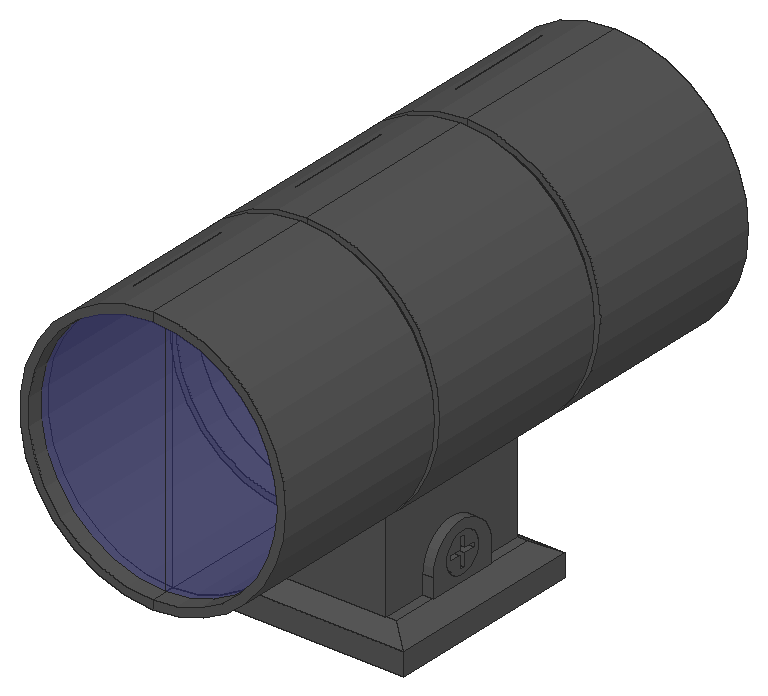
Revit family "CARLO CYLINDER LIGHT WALL MOUNT", category Lighting Fixtures, host Face, Revit 2020 (continued)
Types (10): name | Wattage_Input | Wattage Comments | Wattage | Photometric Web File | built-in parameter 1150142 | Model | built-in parameter 1150105 | Lumens | Light Length 1 | LIGHT RADIUS | LIGHT PLACEMENT | LIGHT LENGTH | LIGHT DIA | built-in parameter 1150106 | FIXED END HEIGHT | Curve base Height | Base Curve | BEAMING ANGLE | Apparent Load
    5957 3.7576 3.9219 4.094 4.2786 4.4733 4.6783 \r\n 4.8905 5.1045 5.3266 5.5613 5.808 6.0689 6.34 6.616 6.9033 7.207 \r\n 7.5258 7.8577 8.2101 8.5877 8.9961 9.4418 9.9269 10.455 11.029 11.645 \r\n 12.322 13.064 13.909 14.901 16.032 17.307 18.733 20.292 22.065 24.099 \r\n 26.473 29.277 32.533 35.678 40.551 48.967 60.436 75.657 92.869 110.22 \r\n 128.68 148.97 170.04 191.5 212.18 230.48 247.34 263.05 277.99 292.97 \r\n 306.89 318.4 329.07 340.19 351.2 362.01 372.49 382.47 392 400.89 \r\n 409.66 418.95 428.26 437.14 446.01 455.13 464.47 473.95 483.98 494.97 \r\n 506.79 519.4 532.9 547.5 562.77 578.41 594.23 609.79 625.44 641.41 \r\n 657.58 674 690.37 706.32 722.12 738.01 753.77 769.33 784.58 799.48 \r\n 813.77 827.03 839.61 851.81 863.44 874.34 884.71 894.81 904.31 912.84 \r\n 920.72 928.04 935.01 941.94 948.53 954.46 960.09 965.78 971.27 976.37 \r\n 981.18 985.64 989.93 994.35 998.51 1002.1 1005.2 1007.5 1009.2 1010.6 \r\n 1011.9 \r\n1006.9 1007.5 1002.8 997.6 992.14 986.77 981.51 976.49 971.63 966.91 \r\n 962.32 957.85 953.38 948.78 944.08 939.51 934.4 927.88 920.87 914.34 \r\n 907.37 899.2 890.27 880.87 870.76 859.67 847.93 835.72 823.29 811.14 \r\n 798.81 785.99 772.71 758.8 744.59 730.42 716.06 701.43 686.54 671.36 \r\n 655.89 639.96 623.99 608.38 592.97 577.67 562.63 548.02 533.66 519.29 \r\n 505.34 492.19 479.73 468.15 456.87 445.28 433.64 421.96 410.39 399.21 \r\n 388.13 376.76 365.72 355.61 346.13 337.14 328.75 321.13 313.99 307.36 \r\n 300.44 293.5 283.31 264.97 243.74 223.77 203.44 182.48 161.07 139.24 \r\n 117.27 94.82 73.878 56.23 42.143 33.062 27.224 23.62 21.433 19.445 \r\n 17.859 16.467 15.286 14.281 13.406 12.602 11.876 11.213 10.617 10.099 \r\n 9.6316 9.1897 8.7759 8.3808 8.0153 7.6924 7.3964 7.1183 6.8506 6.5793 \r\n 6.3152 6.0663 5.8272 5.5955 5.3712 5.1531 4.9431 4.7443 4.5524 4.3633 \r\n 4.1793 3.9995 3.8283 3.6731 3.5238 3.3692 3.2204 3.0865 2.9618 2.8452 \r\n 2.7325 2.6136 2.5044 2.4234 2.3526 2.2744 2.2054 2.1614 2.1277 2.0952 \r\n 2.0632 2.0249 1.9906 1.9783 1.9584 1.8985 1.8256 1.7595 1.6888 1.6078 \r\n 1.518 1.4176 1.3155 1.2244 1.1321 1.0242 0.92003 0.83974 0.76746 0.69328 \r\n 0.61948 0.54199 0.47003 0.4171 0.36637 0.29911 0.23461 0.18919 0.15301 0.12359 \r\n 0.095202 0.056272 0.021839 0.0063343 0 0 0 0 0 0 \r\n 0 0 0.00010073 0.0045593 0.011854 0.021145 0.034642 0.053104 0.080031 0.12385 \r\n 0.17053 0.20327 0.23875 0.29144 0.35111 0.41277 0.47512 0.5316 0.59294 0.67264 \r\n 0.7558 0.8262 0.9013 1 1.1017 1.1877 1.2715 1.3608 1.4544 1.5595 \r\n 1.6587 1.7304 1.7994 1.8915 1.9816 2.05 2.1067 2.1519 2.1955 2.2526 \r\n 2.3086 2.3463 2.3895 2.4625 2.5474 2.6325 2.724 2.8233 2.9331 3.0583 \r\n 3.1944 3.3396 3.4915 3.6468 3.807 3.9715 4.1442 4.3297 4.5257 4.7323 \r\n 4.9458 5.16 5.3816 5.6147 5.861 6.1262 6.403 6.6838 6.9753 7.2824 \r\n 7.6038 7.9372 8.2908 8.6705 9.0809 9.5269 10.014 10.548 11.129 11.752 \r\n 12.436 13.177 14.029 15.057 16.224 17.499 18.93 20.532 22.367 24.47 \r\n 26.924 29.796 33.156 36.388 41.61 51.063 63.768 80.114 98.232 115.92 \r\n 134.56 155.2 176.73 198.83 220.24 239.45 256.89 272.22 286.24 299.84 \r\n 312.43 323.39 333.69 344.21 354.62 364.98 375 384.28 393.19 401.89 \r\n 410.64 419.84 429.15 438.22 447.4 456.99 466.86 476.89 487.44 498.88 \r\n 511.07 523.97 537.7 552.58 568.03 583.62 599.33 614.99 630.67 646.31 \r\n 662.08 678.26 694.42 710.17 725.79 741.6 757.16 771.99 786.56 801.42 \r\n 815.75 828.73 840.96 852.85 864.25 875.12 885.56 895.79 905.39 913.85 \r\n 921.65 929.09 936.21 943.18 949.8 955.79 961.5 967.34 972.91 977.87 \r\n 982.51 987 991.33 995.63 999.66 1003.3 1006.4 1008.5 1009.9 1011 \r\n 1011.9 \r\n1006.9 1007.9 1003.4 998.34 993.04 987.52 982.03 976.83 971.85 967.16 \r\n 962.65 958.28 953.95 949.56 945.07 940.66 935.66 929.12 922.1 915.71 \r\n 908.9 900.84 891.97 882.49 872.34 861.47 850.05 838.13 826 814.08 \r\n 801.97 789.37 776.35 762.75 748.82 734.78 720.57 706.29 691.69 676.45 \r\n 660.86 645.01 629.16 613.63 598.31 583.21 568.38 553.92 539.69 525.4 \r\n 511.48 498.23 485.63 473.99 462.64 450.89 439.07 427.17 415.37 403.96 \r\n 392.56 380.65 369.01 358.37 348.32 338.57 329.4 321.11 313.38 306.14 \r\n 298.92 292.47 283.03 265.23 244.6 225.43 206.18 187.02 167.17 145.42 \r\n 123.18 101.02 80.202 61.982 46.892 36.238 28.952 24.891 22.586 20.417 \r\n 18.694 17.179 15.9 14.834 13.91 13.046 12.264 11.556 10.923 10.369 \r\n 9.8707 9.4029 8.967 8.5518 8.1697 7.8347 7.5304 7.2487 6.9783 6.7006 \r\n 6.4286 6.1695 5.9218 5.6885 5.4637 5.241 5.0249 4.8182 4.6194 4.429 \r\n 4.244 4.0589 3.8818 3.7219 3.5694 3.4149 3.2654 3.1242 2.9928 2.8781 \r\n 2.7669 2.6408 2.5226 2.4355 2.3597 2.2789 2.2066 2.1531 2.1115 2.0816 \r\n 2.0529 2.0078 1.9675 1.9587 1.9467 1.8981 1.836 1.7743 1.7081 1.6406 \r\n 1.5608 1.4504 1.3348 1.2383 1.1449 1.0427 0.94358 0.85698 0.77805 0.7075 \r\n 0.63805 0.55761 0.48131 0.42652 0.37449 0.30596 0.23973 0.19043 0.15127 0.12394 \r\n 0.097606 0.055046 0.017061 0.0034964 0 0 0 0 0 0 \r\n 0 0 0.00012685 0.0056405 0.015116 0.028841 0.04694 0.068012 0.096927 0.14329 \r\n 0.1915 0.22263 0.25633 0.31027 0.37159 0.4331 0.49546 0.55385 0.6176 0.69941 \r\n 0.78427 0.85543 0.93088 1.0307 1.1319 1.2105 1.2897 1.3902 1.4955 1.5988 \r\n 1.6919 1.7585 1.8239 1.9186 2.0114 2.0755 2.1275 2.1732 2.2185 2.2751 \r\n 2.331 2.3706 2.4164 2.4916 2.5788 2.6664 2.7604 2.8622 2.9743 3.1005 \r\n 3.2379 3.3873 3.5429 3.6974 3.8563 4.0216 4.1956 4.3822 4.5793 4.7873 \r\n 5.0019 5.2166 5.4382 5.6699 5.9159 6.1845 6.466 6.7513 7.0471 7.3575 \r\n 7.6816 8.0171 8.3727 8.7551 9.1678 9.6139 10.102 10.643 11.232 11.863 \r\n 12.553 13.299 14.161 15.219 16.415 17.69 19.125 20.767 22.659 24.835 \r\n 27.371 30.295 33.79 37.305 43.08 53.633 67.58 85.019 104.02 122.15 \r\n 141.06 161.94 183.78 206.39 228.43 248.55 266.59 281.51 294.59 306.81 \r\n 318.09 328.51 338.47 348.42 358.27 368.17 377.73 386.37 394.73 403.27 \r\n 412 421.12 430.42 439.64 449.11 459.12 469.51 480.09 491.18 503.08 \r\n 515.67 528.89 542.88 558 573.61 589.08 604.64 620.36 636.04 651.4 \r\n 666.82 682.77 698.73 714.27 729.7 745.38 760.69 774.86 788.78 803.54 \r\n 817.87 830.58 842.51 854.1 865.28 876.09 886.57 896.88 906.54 914.93 \r\n 922.68 930.25 937.5 944.5 951.13 957.2 963.01 968.97 974.62 979.45 \r\n 983.94 988.49 992.86 996.99 1000.8 1004.5 1007.6 1009.5 1010.7 1011.4 \r\n 1011.9 \r\n1006.9 1008.2 1003.8 998.91 993.71 988.11 982.51 977.35 972.41 967.6 \r\n 962.98 958.6 954.31 949.96 945.51 941.09 936.11 929.7 922.84 916.6 \r\n 909.94 902 893.24 883.8 873.74 863.11 851.99 840.38 828.54 816.91 \r\n 805.03 792.55 779.63 766.26 752.58 738.73 724.69 710.6 696.14 680.89 \r\n 665.28 649.57 633.87 618.4 603.14 588.13 573.37 558.92 544.64 530.31 \r\n 516.27 502.75 489.88 478.12 466.71 454.95 443.13 431.26 419.48 408.06 \r\n 396.6 384.49 372.59 361.71 351.39 341.35 331.88 323.24 315.17 307.61 \r\n 300.27 294.07 285.3 268.91 249.77 231.52 212.94 194.32 174.73 152.69 \r\n 130.12 108.28 87.655 68.901 52.697 39.92 30.633 26 23.593 21.207 \r\n 19.334 17.732 16.399 15.273 14.3 13.401 12.589 11.845 11.179 10.607 \r\n 10.093 9.6054 9.1508 8.7213 8.3275 7.9826 7.6701 7.3818 7.1059 6.8241 \r\n 6.5475 6.2806 6.0249 5.7861 5.5564 5.3279 5.1064 4.8948 4.6926 4.5024 \r\n 4.317 4.1259 3.9418 3.7782 3.6236 3.4694 3.3197 3.173 3.0363 2.9225 \r\n 2.8122 2.6812 2.5569 2.4652 2.386 2.3044 2.2303 2.1684 2.1189 2.0892 \r\n 2.0616 2.0119 1.9668 1.9564 1.9455 1.9042 1.85 1.7898 1.7249 1.6652 \r\n 1.5915 1.4761 1.3537 1.2557 1.1632 1.0652 0.96885 0.87625 0.79125 0.72333 \r\n 0.65755 0.57579 0.49709 0.44097 0.38794 0.31904 0.25213 0.20045 0.15891 0.13093 \r\n 0.10423 0.060424 0.021265 0.0075609 0.003763 0.00081398 0.000047 0 0 0 \r\n 0 0 0 0.004904 0.014666 0.031518 0.053527 0.078038 0.10946 0.15553 \r\n 0.20358 0.23808 0.27528 0.32987 0.391 0.45221 0.51502 0.57659 0.64361 0.7256 \r\n 0.81123 0.8884 0.96891 1.0665 1.1633 1.2375 1.315 1.4228 1.5349 1.634 \r\n 1.7211 1.7872 1.8521 1.9416 2.0283 2.088 2.1374 2.1839 2.2308 2.2864 \r\n 2.3423 2.3867 2.4381 2.5154 2.6047 2.6968 2.7959 2.9024 3.0186 3.1471 \r\n 3.2867 3.4397 3.5986 3.7541 3.914 4.0828 4.261 4.4507 4.6502 4.8598 \r\n 5.076 5.2933 5.5177 5.7519 6.0001 6.2702 6.554 6.844 7.1454 7.4605 \r\n 7.79 8.1323 8.4955 8.8864 9.3076 9.7594 10.256 10.814 11.422 12.066 \r\n 12.772 13.549 14.445 15.525 16.742 18.041 19.507 21.188 23.137 25.406 \r\n 28.047 30.968 34.659 38.924 45.727 57.493 72.642 91.022 110.77 129.47 \r\n 148.68 169.4 190.96 213.4 235.45 256.18 274.64 288.89 300.98 312.35 \r\n 322.93 333.12 343.02 352.87 362.58 372.28 381.6 389.99 398.15 406.6 \r\n 415.27 424.29 433.51 442.7 452.21 462.36 472.97 483.87 495.31 507.54 \r\n 520.43 533.93 548.15 563.43 579.06 594.33 609.63 625.26 640.88 656.13 \r\n 671.44 687.28 703.14 718.54 733.78 749.2 764.23 778.07 791.7 806.23 \r\n 820.36 832.9 844.67 856.15 867.23 877.96 888.33 898.53 908.1 916.44 \r\n 924.19 931.87 939.25 946.29 952.95 959.09 964.97 970.98 976.62 981.36 \r\n 985.77 990.38 994.78 998.66 1002.2 1005.8 1008.7 1010.5 1011.5 1011.9 \r\n 1011.9 \r\n1006.9 1008.3 1004 999.28 994.13 988.53 982.96 978.05 973.29 968.24 \r\n 963.28 958.8 954.44 949.97 945.4 940.81 935.76 929.6 923.08 917 \r\n 910.46 902.67 894.06 884.82 874.97 864.6 853.76 842.44 830.9 819.58 \r\n 807.95 795.47 782.52 769.29 755.8 742.18 728.34 714.29 699.82 684.6 \r\n 669.06 653.54 638.03 622.6 607.31 592.29 577.47 562.84 548.35 533.85 \r\n 519.58 505.63 492.34 480.4 468.95 457.28 445.64 434.03 422.52 411.33 \r\n 400.07 388.12 376.34 365.49 355.23 345.4 336.12 327.48 319.37 311.82 \r\n 304.57 298.4 290.2 276.01 259.16 241.92 223.55 204.17 183.54 160.86 \r\n 137.94 116.42 96.012 76.768 59.376 44.024 32.273 26.952 24.435 21.8 \r\n 19.769 18.115 16.769 15.587 14.565 13.658 12.844 12.073 11.381 10.805 \r\n 10.291 9.7909 9.322 8.8843 8.4836 8.1313 7.811 7.513 7.2289 6.9451 \r\n 6.6674 6.3955 6.133 5.8848 5.6459 5.4109 5.1849 4.9718 4.7696 4.5811 \r\n 4.3959 4.1981 4.0068 3.8404 3.6846 3.5311 3.3815 3.2314 3.0912 2.9771 \r\n 2.8667 2.7335 2.6064 2.5119 2.4307 2.35 2.2756 2.2068 2.1497 2.1177 \r\n 2.0889 2.0373 1.9889 1.9707 1.9541 1.9164 1.8665 1.8052 1.7386 1.6805 \r\n 1.6088 1.4937 1.3717 1.2764 1.1868 1.0912 0.99519 0.89719 0.80699 0.74063 \r\n 0.67772 0.5963 0.5172 0.4602 0.40643 0.33813 0.2717 0.2192 0.17594 0.14456 \r\n 0.11509 0.072399 0.034533 0.019135 0.01229 0.0048397 0.00015043 0 0 0 \r\n 0 0 0 0.0026571 0.010769 0.029331 0.05441 0.083012 0.11732 0.16035 \r\n 0.2066 0.24939 0.29523 0.34985 0.40898 0.46989 0.53368 0.59951 0.67048 0.75083 \r\n 0.83634 0.92447 1.0145 1.1067 1.1956 1.2689 1.3476 1.4581 1.5714 1.6641 \r\n 1.7453 1.8158 1.883 1.9594 2.0316 2.0871 2.1359 2.1834 2.2316 2.2857 \r\n 2.3419 2.394 2.4536 2.5332 2.6244 2.723 2.8297 2.943 3.0649 3.1971 \r\n 3.3397 3.4957 3.6574 3.8154 3.9788 4.154 4.3389 4.5335 4.7369 4.9483 \r\n 5.1665 5.3886 5.6187 5.8588 6.1117 6.3818 6.6656 6.9602 7.2679 7.5891 \r\n 7.9263 8.2798 8.656 9.0609 9.4963 9.9597 10.471 11.056 11.693 12.354 \r\n 13.086 13.922 14.873 15.968 17.197 18.544 20.066 21.786 23.791 26.171 \r\n 28.941 31.821 35.78 41.266 49.563 62.626 78.901 98.046 118.39 137.76 \r\n 157.31 177.49 198.19 219.79 241.21 262.13 280.73 294.06 305.16 316.21 \r\n 326.76 337.06 347.2 357.42 367.47 377.22 386.56 395.12 403.43 411.86 \r\n 420.43 429.34 438.41 447.4 456.7 466.7 477.23 488.2 499.79 512.18 \r\n 525.27 539 553.4 568.74 584.3 599.27 614.24 629.63 645.12 660.44 \r\n 675.87 691.75 707.59 722.91 737.98 753.03 767.72 781.62 795.3 809.48 \r\n 823.24 835.68 847.47 859.02 870.13 880.72 890.88 900.78 910.09 918.4 \r\n 926.2 933.97 941.45 948.55 955.25 961.47 967.4 973.32 978.86 983.58 \r\n 987.99 992.67 997.06 1000.6 1003.8 1007 1009.8 1011.5 1012.3 1012.4 \r\n 1011.9 \r\n1006.9 1008.4 1004.3 999.65 994.56 989 983.5 978.86 974.28 968.96 \r\n 963.66 959.04 954.58 949.96 945.24 940.42 935.28 929.41 923.26 917.36 \r\n 910.96 903.33 894.92 885.92 876.33 866.22 855.65 844.61 833.36 822.34 \r\n 810.93 798.42 785.41 772.28 758.95 745.55 731.87 717.8 703.28 688.09 \r\n 672.63 657.28 641.92 626.5 611.18 596.12 581.2 566.36 551.62 536.92 \r\n 522.41 508.02 494.33 482.18 470.67 459.1 447.68 436.35 425.17 414.26 \r\n 403.26 391.56 379.98 369.21 359.04 349.48 340.45 331.87 323.78 316.27 \r\n 309.1 302.84 295.14 283.33 268.95 252.68 234.43 214.1 192.28 169.07 \r\n 145.94 124.74 104.55 84.886 66.381 48.497 34.277 28.156 25.409 22.488 \r\n 20.288 18.566 17.194 15.945 14.866 13.945 13.125 12.325 11.606 11.024 \r\n 10.506 9.9922 9.5085 9.0615 8.6528 8.2915 7.9617 7.6515 7.357 7.0705 \r\n 6.7914 6.5149 6.2455 5.987 5.7377 5.4962 5.2661 5.0518 4.8499 4.6626 \r\n 4.477 4.2733 4.0752 3.9056 3.7483 3.5949 3.4454 3.2926 3.1494 3.034 \r\n 2.9227 2.7882 2.6595 2.5627 2.4795 2.3997 2.3251 2.25 2.1859 2.1505 \r\n 2.1196 2.067 2.0163 1.9896 1.9653 1.9289 1.8823 1.8193 1.7504 1.6921 \r\n 1.6213 1.5086 1.3897 1.298 1.2115 1.1181 1.0222 0.91939 0.82446 0.75891 \r\n 0.69814 0.61758 0.53868 0.48051 0.42573 0.35864 0.29339 0.24029 0.19518 0.15962 \r\n 0.12674 0.085845 0.049926 0.032123 0.021291 0.0089994 0.00025556 0 0 0 \r\n 0 0 0 0.00050721 0.007 0.02703 0.054884 0.087461 0.12448 0.1638 \r\n 0.20787 0.25993 0.31543 0.36977 0.42643 0.48737 0.55252 0.62249 0.69715 0.77549 \r\n 0.86077 0.96068 1.0609 1.1468 1.227 1.3013 1.3827 1.4938 1.6056 1.6912 \r\n 1.7668 1.8425 1.9127 1.9739 2.0295 2.0813 2.1306 2.1787 2.2277 2.2804 \r\n 2.337 2.3974 2.4661 2.5476 2.6405 2.746 2.8606 2.9806 3.1082 3.2442 \r\n 3.3897 3.548 3.7121 3.8729 4.04 4.2219 4.4136 4.6132 4.8202 5.0332 \r\n 5.2531 5.4801 5.716 5.9623 6.2199 6.4894 6.7724 7.0708 7.3839 7.7103 \r\n 8.0545 8.419 8.808 9.2265 9.6759 10.151 10.677 11.288 11.953 12.631 \r\n 13.387 14.282 15.29 16.392 17.627 19.022 20.6 22.354 24.411 26.898 \r\n 29.803 32.665 36.965 43.877 53.848 68.174 85.474 105.29 126.15 146.24 \r\n 166.17 185.8 205.57 226.16 246.74 267.58 286.09 298.46 308.6 319.48 \r\n 330.17 340.64 351.07 361.76 372.25 382.13 391.55 400.41 408.99 417.45 \r\n 425.94 434.75 443.67 452.43 461.51 471.31 481.71 492.7 504.4 516.94 \r\n 530.21 544.16 558.72 574.07 589.51 604.2 618.85 633.98 649.33 664.78 \r\n 680.38 696.31 712.12 727.37 742.27 756.91 771.26 785.3 799.11 812.91 \r\n 826.27 838.66 850.5 862.15 873.3 883.74 893.64 903.19 912.21 920.47 \r\n 928.34 936.19 943.75 950.89 957.63 963.91 969.86 975.68 981.11 985.82 \r\n 990.26 995.02 999.38 1002.6 1005.4 1008.3 1010.8 1012.4 1013.2 1012.9 \r\n 1011.9 \r\n1006.9 1008.5 1004.6 1000.1 995.06 989.56 984.15 979.75 975.31 969.74 \r\n 964.11 959.35 954.79 950.01 945.12 940.08 934.82 929.25 923.47 917.76 \r\n 911.52 904.09 895.9 887.18 877.89 868.05 857.73 846.96 835.96 825.21 \r\n 813.98 801.44 788.37 775.31 762.1 748.86 735.3 721.17 706.58 691.41 \r\n 676.01 660.78 645.52 630.11 614.73 599.59 584.55 569.5 554.51 539.61 \r\n 524.87 510.1 496.03 483.66 472.05 460.56 449.33 438.3 427.44 416.83 \r\n 406.11 394.7 383.35 372.66 362.55 353.23 344.45 335.96 327.89 320.42 \r\n 313.3 306.87 299.59 290.12 278.17 262.82 244.62 223.37 200.48 176.97 \r\n 153.86 132.95 112.94 92.927 73.444 53.262 36.744 29.713 26.567 23.325 \r\n 20.95 19.131 17.706 16.378 15.233 14.284 13.446 12.616 11.868 11.271 \r\n 10.743 10.212 9.7127 9.254 8.8347 8.4622 8.1204 7.7958 7.489 7.1984 \r\n 6.9171 6.6357 6.3597 6.0904 5.8306 5.583 5.3493 5.1336 4.9314 4.7442 \r\n 4.5577 4.349 4.1455 3.9721 3.8123 3.6585 3.5088 3.354 3.2082 3.0905 \r\n 2.9773 2.8422 2.7129 2.6139 2.5286 2.4492 2.3739 2.2935 2.2232 2.1837 \r\n 2.15 2.0974 2.0454 2.0098 1.9772 1.9411 1.8964 1.8317 1.7605 1.7007 \r\n 1.6302 1.5213 1.4074 1.3196 1.2362 1.1449 1.0492 0.94245 0.84343 0.77796 \r\n 0.71849 0.63906 0.56074 0.50087 0.44463 0.37934 0.31594 0.2622 0.21497 0.1749 \r\n 0.13839 0.099623 0.065908 0.045125 0.02973 0.0128 0.00034807 0 0 0 \r\n 0 0 0 0 0.0043882 0.025842 0.056178 0.092299 0.13162 0.1671 \r\n 0.20896 0.27029 0.33544 0.38924 0.44328 0.50477 0.5717 0.64527 0.72298 0.79938 \r\n 0.88453 0.99585 1.1059 1.1851 1.2569 1.334 1.4193 1.5289 1.6369 1.7153 \r\n 1.7855 1.8664 1.9392 1.9847 2.0234 2.0723 2.1229 2.171 2.2203 2.2714 \r\n 2.3287 2.3978 2.4755 2.5588 2.6531 2.7652 2.8876 3.0138 3.1466 3.2861 \r\n 3.434 3.5941 3.7601 3.9234 4.0943 4.2822 4.4803 4.6844 4.8947 5.1087 \r\n 5.33 5.5614 5.8027 6.0545 6.3162 6.5849 6.8667 7.1675 7.4845 7.8147 \r\n 8.1644 8.5382 8.9384 9.3686 9.83 10.315 10.854 11.488 12.177 12.869 \r\n 13.647 14.595 15.651 16.755 17.992 19.427 21.055 22.838 24.942 27.522 \r\n 30.568 33.462 38.183 46.671 58.42 73.927 92.117 112.5 133.81 154.63
     \r\n 174.99 194.16 213.07 232.6 252.2 272.64 290.77 302.17 311.45 322.25 \r\n 333.14 343.81 354.54 365.73 376.69 386.74 396.29 405.53 414.44 422.97 \r\n 431.41 440.16 448.96 457.51 466.37 475.98 486.26 497.28 509.07 521.75 \r\n 535.18 549.34 564.05 579.36 594.67 609.1 623.47 638.36 653.58 669.18 \r\n 684.99 700.94 716.71 731.86 746.58 760.82 774.84 789.04 803.01 816.45 \r\n 829.4 841.76 853.69 865.43 876.61 886.87 896.5 905.68 914.4 922.62 \r\n 930.54 938.45 946.08 953.24 959.99 966.32 972.28 977.97 983.29 988.01 \r\n 992.5 997.32 1001.7 1004.6 1007.1 1009.7 1011.8 1013.4 1014 1013.3 \r\n 1011.9 \r\n1006.9 1008.6 1004.9 1000.6 995.65 990.26 984.94 980.69 976.32 970.55 \r\n 964.66 959.77 955.11 950.2 945.16 939.91 934.55 929.24 923.81 918.3 \r\n 912.24 905.05 897.13 888.72 879.74 870.15 860.07 849.54 838.76 828.2 \r\n 817.1 804.56 791.45 778.45 765.32 752.16 738.66 724.46 709.78 694.61 \r\n 679.25 664.06 648.83 633.38 617.93 602.71 587.55 572.29 557.08 542.02 \r\n 527.09 512.01 497.65 485.04 473.29 461.82 450.72 439.91 429.33 419 \r\n 408.55 397.41 386.27 375.6 365.49 356.32 347.69 339.25 331.21 323.73 \r\n 316.61 309.97 303.02 295.66 285.9 271.31 253.17 231.26 207.66 184.23 \r\n 161.42 140.77 120.83 100.56 80.301 58.241 39.771 31.719 27.964 24.368 \r\n 21.813 19.856 18.338 16.917 15.696 14.698 13.825 12.959 12.179 11.556 \r\n 11.004 10.453 9.9366 9.4626 9.029 8.642 8.2857 7.9445 7.6235 7.3267 \r\n 7.0416 6.7549 6.4724 6.1928 5.9232 5.6704 5.4337 5.2159 5.0122 4.8235 \r\n 4.635 4.4232 4.2159 4.0379 3.8743 3.7194 3.5693 3.4127 3.2647 3.1436 \r\n 3.0275 2.8924 2.7633 2.662 2.5741 2.494 2.4175 2.3326 2.2572 2.2132 \r\n 2.1762 2.1245 2.0723 2.0287 1.9882 1.9515 1.908 1.8417 1.7685 1.7068 \r\n 1.6361 1.5324 1.4247 1.3406 1.2598 1.1707 1.0757 0.96602 0.86367 0.79757 \r\n 0.73848 0.66022 0.58254 0.52024 0.46195 0.39901 0.3381 0.28341 0.23366 0.1892 \r\n 0.14926 0.1126 0.08094 0.056747 0.036573 0.015746 0.00041383 0 0 0 \r\n 0 0 0 0 0.0039642 0.026996 0.059519 0.098439 0.13942 0.17146 \r\n 0.21143 0.28107 0.35479 0.40784 0.45947 0.52221 0.59137 0.6676 0.74737 0.82227 \r\n 0.90761 1.0288 1.1471 1.2201 1.2845 1.3661 1.4565 1.5626 1.6645 1.736 \r\n 1.8014 1.8865 1.9611 1.9915 2.0145 2.0626 2.1141 2.1617 2.2103 2.2601 \r\n 2.3184 2.3957 2.482 2.5668 2.6622 2.7805 2.9099 3.0412 3.1781 3.3205 \r\n 3.4704 3.6316 3.7986 3.9642 4.1382 4.3311 4.5342 4.7419 4.9546 5.1692 \r\n 5.3912 5.6262 5.8716 6.1276 6.3921 6.6602 6.9407 7.2424 7.5611 7.8928 \r\n 8.2456 8.6258 9.0339 9.4723 9.9423 10.435 10.984 11.633 12.338 13.042 \r\n 13.835 14.823 15.916 17.017 18.249 19.712 21.377 23.183 25.327 27.982 \r\n 31.172 34.172 39.405 49.559 63.116 79.671 98.582 119.43 141.15 162.67 \r\n 183.51 202.41 220.65 239.19 257.73 277.4 294.82 305.29 313.85 324.59 \r\n 335.68 346.51 357.5 369.15 380.56 390.79 400.5 410.13 419.4 428.04 \r\n 436.48 445.21 453.93 462.34 471.03 480.52 490.75 501.81 513.72 526.54 \r\n 540.14 554.49 569.32 584.57 599.73 613.99 628.16 642.85 657.96 673.72 \r\n 689.7 705.64 721.3 736.34 750.88 764.73 778.44 792.78 806.88 819.99 \r\n 832.59 844.94 856.95 868.74 879.91 889.99 899.34 908.18 916.6 924.76 \r\n 932.72 940.67 948.35 955.51 962.25 968.58 974.53 980.11 985.31 990.07 \r\n 994.62 999.49 1003.8 1006.6 1008.7 1011 1012.9 1014.3 1014.7 1013.8 \r\n 1011.9 \r\n" | "CCL4-11-20SPSW8-PC-60-WM-BK" | 1136.6 (stored number, unit not read) | 1800 lm | 0' - 3.67318" | 0' - 2" | 0' - 4 53/128" | 0' - 11 5/256" | 0' - 4" | 11.366 (stored number, unit not read) | 0' - 6 53/128" | 0' - 3 7/64" | 0' - 2" | 60.00° | 25 VA
